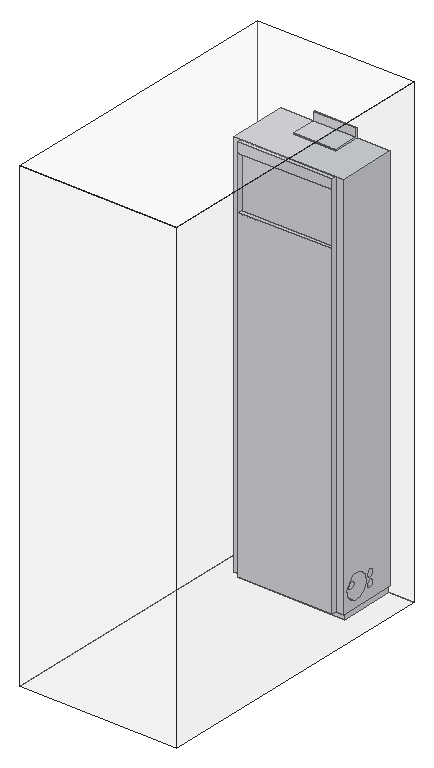
Revit family "ps-rp50_160ka19_60hz", category 機械設備, Revit 2019
Family settings
  丸型コネクタ寸法 = 直径を使用
  パーツ タイプ = 標準
  OmniClass 番号 = 23.75.10.24.21.27.27
  OmniClass タイトル = Split System Air Conditioning Units
  作業面ベース = いいえ
  常に垂直 = はい
  ロード時にボイドで切り取り = いいえ
  共有 = いいえ
  部屋計算ポイント = はい
Parameters (values of type "床置_PS-RP50KA19")
  風量_強 (㎥/min) = 14
  風量_弱 (㎥/min) = 12
  風量_中 (㎥/min) = 13
  風量 = MAX風量  # 840.0 m³/h
  音響パワーレベル_弱 (dB) = 52
  音響パワーレベル_中 (dB) = 54
  音響パワーレベル_強 (dB) = 56
  音響パワーレベル(dB) = [音響パワーレベル_強 (dB)]  # 56
  電線用ノックアウト穴Z2 = 90 mm
  電線用ノックアウト穴Z1 = 130 mm
  電線用ノックアウト穴Y = 110 mm
  電源種別 = ""
  電源_H = 0 mm
  電気品箱位置W = 22 mm
  電気品箱位置H = 641 mm
  電気品箱位置D = 170 mm
  電気品箱W = 348 mm
  電気品箱H = 151 mm
  電気品箱D = 61 mm
  電圧 = 0 V
  電動機出力_送風機 = 0.05 kW
  運転質量 = 0.00 kg
  連動 = ""
  転倒防止金具幅 = 180 mm
  質量 = if(製品質量 > 運転質量, 製品質量, 運転質量) * 1.2  # 42.00 kg
  負荷分類 = 3_ファン類
  構成品番 = "PS-RP50KA19"
  吊り位置y_3 = 175 mm
  吊り位置X_3 = 80 mm
  冷媒，ドレン配管用ノックアウト穴正面-Z = 105 mm
  冷媒，ドレン配管用ノックアウト穴正面-X2 = 20 mm
  ドレン管径 (外径) = 26 mm
  【値が 0 の項目は組合せ形名にてご確認ください】 = ""
  MIN風量 = [風量_弱 (㎥/min)] * 60.0 m³/h  # 720.0 m³/h
  MID風量 = [風量_中 (㎥/min)] * 60.0 m³/h  # 780.0 m³/h
  MAX風量 = [風量_強 (㎥/min)] * 60.0 m³/h  # 840.0 m³/h
  吸込口高さ = 585 mm
  吸込口幅 = 405 mm
  吊り位置Y_1 = 55 mm
  吊り位置Y_2 = 145 mm
  吊り位置X_2 = 280 mm
  吊り位置X_1 = 200 mm
  冷媒，ドレン配管用ノックアウト穴側面-Z = 110 mm
  冷媒，ドレン配管用ノックアウト穴側面-Y = 180 mm
  冷媒，ドレン配管用ノックアウト穴正面-X1 = 75 mm
  冷媒液管位置-Z = 550 mm
  冷媒液管位置-Y = 201 mm
  冷媒液管位置-X = 45 mm
  冷媒ガス管位置-Z = 402 mm
  冷媒ガス管位置-Y = 186 mm
  冷媒ガス管位置-X = 78 mm
  吹出口高さ = 230 mm
  吹出口幅 = 400 mm
  ドレン管径-Y = 210 mm
  ドレン管径-X = 25 mm
  ケーブルサイズ = 0 mm
  Width = 470 mm
  URL = "https://www.mitsubishielectric.co.jp/ldg/wink/ssl/top.do"
  Height = 1700 mm
  説明 = "店舗・事務所用パッケージエアコン(Mr.SLIM) 床置形"
  設計暖房能力 = 0.00 kW
  設計冷房能力_顕熱 = 0 kW
  設計冷房能力 = 0 kW
  設置方法 = "床置形"
  記号 = ""
  製造元 = "三菱電機株式会社"
  製品質量 = 35.00 kg
  製品出荷対象 = "国内"
  製品リリース年月 = ""
  製品グループ = ""
  系統 = ""
  符号 = "PAC_FRV"
  積算_科目 = "1 空気調和設備"
  積算_拾い区分 [instance] = ""
  相 = 1
  盤記号 = ""
  発停方法 = "付属スイッチ"
  特殊仕様 = ""
  火災停止 = ""
  消費電力_暖房 = 0.08 kW
  消費電力_冷房 = 0.09 kW
  消費電力 = if(消費電力_冷房 > 消費電力_暖房, 消費電力_冷房, 消費電力_暖房)  # 0.09 kW
  法定耐用年数 = "6"
  極数 = 1
  材質 = ""
  本体マテリアル = none
  有効加湿量 = 0
  暖房能力 = 5.00 kW
  推奨ブレーカー容量 = 0 A
  形式_加湿器 = ""
  形式 = "床置（露出）立形"
  幹線記号 = ""
  始動方式 = "直入"
  呼称 = "室内機_床置（露出）立形（直吹）"
  周波数 = 60 Hz
  台数_手元リモコン = ""
  台数_冷媒分岐ユニット = ""
  参照している仕様書等のバージョン = "公共建築工事標準仕様書（機械設備工事編）平成31年度版"
  加湿給水管径 = 0.00 mm
  分類コード = "5.0053E+13"
  分類グループ = ""
  冷房能力 = 4.5 kW
  冷媒高低圧ガス管径 = 0.00 mm
  冷媒管径符号 = "Ac"
  冷媒管径 = 100.00 mm
  冷媒液管径 = 6.35 mm
  冷媒ガス管径 = 12.70 mm
  企業コード = "108420"
  付属品_フィルター = ""
  付属品 = ""
  仕様書バージョン = "Version1.0"
  Model = ""
  パネルマテリアル = none
  ドレン管径 = 20.00 mm
  サービススペース = yes
  コメント [instance] = ""
  ケーブル種類 = ""
  Version = ""
  Uniclass2015Version = "Systems v1.9"
  Uniclass2015Title = "Split coil remote air cooled condensing units"
  Uniclass2015Code = "Pr_70_65_03_84"
  SpecificationReference = ""
  SpecificationDescription = ""
  Revision = ""
  ProductInformation = ""
  OmniClassCode = "23-33 17 13 11"
  IfcTypeProduct = ""
  IfcProduct = ""
  IfcExportType = "AIRCONDITIONINGUNIT"
  IfcExportAs = "IfcUnitaryEquipmentType"
  Depth = 270 mm
  価格 = 0
  Clearance Top = 300 mm
  Clearance Right = 100 mm
  Clearance Left = 100 mm
  Clearance Front = 1000 mm
  Clearance Bottom = 0 mm
  Clearance Back = 5 mm
  B = 797 mm
  Author = "三菱電機株式会社"
  A = 172.5 mm
Types (8, lengths in mm): name | 風量_強 (㎥/min) | 風量_弱 (㎥/min) | 風量_中 (㎥/min) | 風量 | 音響パワーレベル_弱 (dB) | 音響パワーレベル_中 (dB) | 音響パワーレベル_強 (dB) | 音響パワーレベル(dB) | 電線用ノックアウト穴Z1 | 電線用ノックアウト穴Y | 電気品箱位置H | 電気品箱位置D | 電気品箱W | 電気品箱H | 電気品箱D | 電動機出力_送風機 | 転倒防止金具幅 | 質量 | 構成品番 | 吊り位置y_3 | 吊り位置X_3 | 冷媒，ドレン配管用ノックアウト穴正面-Z | MIN風量 | MID風量 | MAX風量 | 吸込口高さ | 吸込口幅 | 吊り位置Y_1 | 吊り位置Y_2 | 吊り位置X_2 | 吊り位置X_1 | 冷媒，ドレン配管用ノックアウト穴側面-Z | 冷媒，ドレン配管用ノックアウト穴側面-Y | 冷媒，ドレン配管用ノックアウト穴正面-X1 | 冷媒液管位置-Z | 冷媒液管位置-Y | 冷媒液管位置-X | 冷媒ガス管位置-Z | 冷媒ガス管位置-Y | 冷媒ガス管位置-X | 吹出口高さ | 吹出口幅 | ドレン管径-Y | ドレン管径-X | Width | Height | 製品質量 | 消費電力_暖房 | 消費電力_冷房 | 消費電力 | 暖房能力 | 冷房能力 | 冷媒管径符号 | 冷媒液管径 | 冷媒ガス管径 | Depth | B | A
  床置_PS-RP50KA19 | 14 | 12 | 13 | 840.0 m³/h | 52 | 54 | 56 | 56 | 130 | 110 | 641 | 170 | 348 | 151 | 61 | 0.05 kW | 180 | 42.00 kg | "PS-RP50KA19" | 175 | 80 | 105 | 720.0 m³/h | 780.0 m³/h | 840.0 m³/h | 585 | 405 | 55 | 145 | 280 | 200 | 110 | 180 | 75 | 550 | 201 | 45 | 402 | 186 | 78 | 230 | 400 | 210 | 25 | 470 | 1700 | 35.00 kg | 0.08 kW | 0.09 kW | 0.09 kW | 5.00 kW | 4.5 kW | "Ac" | 6.35 | 12.70 | 270 | 797 | 172.5
  床置_PS-RP56KA19 | 14 | 12 | 13 | 840.0 m³/h | 52 | 54 | 56 | 56 | 130 | 110 | 641 | 170 | 348 | 151 | 66 | 0.05 kW | 180 | 42.00 kg | "PS-RP56KA19" | 175 | 80 | 105 | 720.0 m³/h | 780.0 m³/h | 840.0 m³/h | 585 | 405 | 55 | 145 | 280 | 200 | 110 | 180 | 75 | 550 | 201 | 45 | 402 | 186 | 78 | 230 | 400 | 210 | 25 | 470 | 1700 | 35.00 kg | 0.08 kW | 0.09 kW | 0.09 kW | 5.60 kW | 5 kW | "Ac" | 6.35 | 12.70 | 270 | 797 | 172.5
  床置_PS-RP63KA19 | 15 | 13 | 14 | 900.0 m³/h | 52 | 54 | 56 | 56 | 130 | 110 | 641 | 170 | 348 | 151 | 66 | 0.05 kW | 180 | 42.00 kg | "PS-RP63KA19" | 175 | 80 | 105 | 780.0 m³/h | 840.0 m³/h | 900.0 m³/h | 585 | 405 | 55 | 145 | 280 | 200 | 110 | 180 | 75 | 550 | 201 | 45 | 402 | 186 | 78 | 230 | 400 | 210 | 25 | 470 | 1700 | 35.00 kg | 0.08 kW | 0.09 kW | 0.09 kW | 6.30 kW | 5.6 kW | "Ac" | 6.35 | 12.70 | 270 | 797 | 172.5
  床置_PS-RP71KA19 | 15 | 13 | 14 | 900.0 m³/h | 52 | 55 | 57 | 57 | 130 | 110 | 641 | 170 | 348 | 151 | 66 | 0.05 kW | 180 | 42.00 kg | "PS-RP71KA19" | 175 | 80 | 105 | 780.0 m³/h | 840.0 m³/h | 900.0 m³/h | 585 | 405 | 55 | 145 | 280 | 200 | 110 | 180 | 75 | 550 | 201 | 45 | 402 | 186 | 78 | 230 | 400 | 210 | 25 | 470 | 1700 | 35.00 kg | 0.08 kW | 0.09 kW | 0.09 kW | 7.10 kW | 6.3 kW | "Bd" | 9.52 | 15.88 | 270 | 797 | 172.5
  床置_PS-RP80KA19 | 15 | 13 | 14 | 900.0 m³/h | 52 | 55 | 57 | 57 | 130 | 110 | 641 | 170 | 348 | 151 | 66 | 0.05 kW | 180 | 42.00 kg | "PS-RP80KA19" | 175 | 80 | 105 | 780.0 m³/h | 840.0 m³/h | 900.0 m³/h | 585 | 405 | 55 | 145 | 280 | 200 | 110 | 180 | 75 | 550 | 201 | 45 | 402 | 186 | 78 | 230 | 400 | 210 | 25 | 470 | 1700 | 35.00 kg | 0.08 kW | 0.09 kW | 0.09 kW | 8.00 kW | 7.1 kW | "Bd" | 9.52 | 15.88 | 270 | 797 | 172.5
  床置_PS-RP112KA19 | 30 | 24 | 27 | 1800.0 m³/h | 57 | 61 | 63 | 63 | 140 | 190 | 714 | 245 | 461 | 123 | 66 | 0.16 kW | 260 | 58.80 kg | "PS-RP112KA19" | 254 | 99 | 110 | 1440.0 m³/h | 1620.0 m³/h | 1800.0 m³/h | 599 | 524 | 77 | 201 | 277 | 218 | 115 | 260 | 105 | 590 | 261 | 48 | 480 | 261 | 95 | 260 | 520 | 289 | 27 | 600 | 1900 | 49.00 kg | 0.20 kW | 0.21 kW | 0.21 kW | 11.20 kW | 10 kW | "Bd" | 9.52 | 15.88 | 360 | 834 | 181
  床置_PS-RP140KA19 | 30 | 24 | 27 | 1800.0 m³/h | 57 | 61 | 63 | 63 | 140 | 190 | 714 | 245 | 461 | 123 | 66 | 0.16 kW | 260 | 58.80 kg | "PS-RP140KA19" | 254 | 99 | 110 | 1440.0 m³/h | 1620.0 m³/h | 1800.0 m³/h | 599 | 524 | 77 | 201 | 277 | 218 | 115 | 260 | 105 | 590 | 261 | 48 | 480 | 261 | 95 | 260 | 520 | 289 | 27 | 600 | 1900 | 49.00 kg | 0.20 kW | 0.21 kW | 0.21 kW | 14.00 kW | 12.5 kW | "Bd" | 9.52 | 15.88 | 360 | 834 | 181
  床置_PS-RP160KA19 | 30 | 24 | 27 | 1800.0 m³/h | 59 | 62 | 64 | 64 | 140 | 190 | 714 | 245 | 461 | 123 | 66 | 0.16 kW | 260 | 58.80 kg | "PS-RP160KA19" | 254 | 99 | 110 | 1440.0 m³/h | 1620.0 m³/h | 1800.0 m³/h | 599 | 524 | 77 | 201 | 277 | 218 | 115 | 260 | 105 | 590 | 261 | 48 | 480 | 261 | 95 | 260 | 520 | 289 | 27 | 600 | 1900 | 49.00 kg | 0.20 kW | 0.21 kW | 0.21 kW | 16.00 kW | 14 kW | "Bd" | 9.52 | 15.88 | 360 | 834 | 181
Reference planes
  plane 1 "中心(正面/背面)": y = 0
  plane 2: z = 0
  plane 3 "中心(左/右)": x = 0
  plane 4: x = -235
  plane 5: x = 235
  plane 6: z = 1700
  plane 7: z = 30
  plane 8: x = 157
  plane 9: x = 190
  plane 10: x = 210
  plane 11: x = -90
  plane 12: x = 90
  plane 13: z = 550
  plane 14: z = 402
  plane 15: z = 1430
  plane 16: z = 757.5
  plane 17: z = 172.5
  plane 18: x = -202.5
  plane 19: x = 202.5
  plane 20: z = 827
  plane 21: z = 1660
  plane 22: x = -335
  plane 23: x = 335
  plane 24: z = 2000
  plane 25: z = 110
  plane 26 "本体背面": y = 0
  plane 27: y = -250
  plane 28 "Front": y = -270
  plane 29: y = -186
  plane 30: y = -201
  plane 31: y = -210
  plane 32: y = 5
  plane 33: y = -1270
  plane 34: y = -180
  plane 35: y = -110
  plane 36: x = -122.5
  plane 37: x = 122.5
  plane 38: y = -55
  plane 39: y = -200
  plane 40: x = -140
  plane 41: x = 140
  plane 42: x = -100
  plane 43: x = 100
  plane 44: z = 105
  plane 45: x = 160
  plane 46: x = -20
  plane 47: z = 90
  plane 48: z = 130
  plane 49: z = 125
  plane 50: x = -225
  plane 51: y = -175
  plane 52: x = 155
  plane 53: z = 641
  plane 54: z = 792
  plane 55: x = -213
  plane 56: x = 135
  plane 57: y = -170
  plane 58: y = -231
Forms (mm)
  Extrusion 1, solid
    sketch origin (0, -125, 0) x (1, 0, 0) y (0, 1, 0)
      loop
        line (-235, 125) -> (-235, -125) -> (235, -125) -> (235, 125) -> (-235, 125)
    from 30 to 1700
  Extrusion 2, solid, detail levels fine
    sketch origin (0, -125, 0) x (1, 0, 0) y (0, 1, 0)
      loop
        line (-202.5, -145) -> (202.5, -145) -> (202.5, -125) -> (-202.5, -125) -> (-202.5, -145)
    from 30 to 1700
  Extrusion 3, solid, detail levels fine
    sketch origin (0, -125, 0) x (1, 0, 0) y (0, 1, 0)
      loop
        line (-225, -105) -> (225, -105) -> (225, 125) -> (-225, 125) -> (-225, -105)
    from 0 to 30
  Extrusion 4, solid, detail levels fine
    sketch origin (0, -125, 0) x (0, 1, 0) y (0, 0, 1)
      loop
        line (125, 1740) -> (120, 1740) -> (120, 1704.676) -> (14, 1704.676) -> (14, 1700) -> (125, 1700) -> (125, 1740)
    from -90 to 90
  Extrusion 5, solid, detail levels fine
    sketch origin (0, -125, 0) x (1, 0, 0) y (0, 1, 0)
      loop
        circle (157, -61) r 6.35
    from 402 to 827
  Extrusion 6, solid, detail levels fine
    sketch origin (35, -140, 0) x (1, 0, 0) y (0, 1, 0)
      loop
        circle (155, -61) r 3.175
    from 550 to 827
  Extrusion 7, solid, detail levels fine
    sketch origin (0, -125, 0) x (1, 0, 0) y (0, 1, 0)
      loop
        circle (210, -85) r 13
    from 125 to 827
  Extrusion 8, void
    sketch origin (0, -125, 0) x (1, 0, 0) y (0, 0, 1)
      loop
        line (-200, 1660) -> (-200, 1430) -> (200, 1430) -> (200, 1660) -> (-200, 1660)
    from 125 to 145
  Extrusion 9, solid, detail levels fine
    sketch origin (0, -125, 0) x (0, 1, 0) y (0, 0, 1)
      loop
        circle (-55, 110) r 50
    from 225 to 235
  Extrusion 10, solid
    sketch origin (1480.036, -270, 1200) x (1, 0, 0) y (0, 0, -1)
      loop
        circle (-1500.036, 1095) r 50
    from 265 to 270
  Extrusion 11, solid
    sketch origin (1630.036, -270, 1200) x (1, 0, 0) y (0, 0, -1)
      loop
        circle (-1470.036, 1095) r 50
    from 265 to 270
  Extrusion 12, solid, detail levels fine
    sketch origin (0, 0, 0) x (0, 1, 0) y (0, 0, 1)
      loop
        circle (-110, 90) r 13.5
      loop
        circle (-110, 130) r 13.5
    from 225 to 235
  Extrusion 13, solid
    sketch origin (0, 0, 0) x (1, 0, 0) y (0, 1, 0)
      loop
        circle (185, -175) r 13
    from 0 to 1.766
  Extrusion 14, solid
    sketch origin (0, 0, 0) x (0, 1, 0) y (0, 0, 1)
      loop
        circle (-210, 125) r 13
    from 235 to 225
  Extrusion 15, solid
    sketch origin (0, 0, 0) x (0, 1, 0) y (0, 0, 1)
      loop
        circle (-180, 110) r 50
    from -225 to -235
  Extrusion 16, solid
    sketch origin (0, 0, 0) x (0, 1, 0) y (0, 0, 1)
      loop
        circle (-210, 125) r 13
    from -235 to -225
  Extrusion 17, solid
    sketch origin (0, 0, 0) x (1, 0, 0) y (0, 1, 0)
      loop
        circle (155, -175) r 50
    from 0 to 30
  Extrusion 18, solid
    sketch origin (1480.036, -270, 1200) x (1, 0, 0) y (0, 0, -1)
      loop
        circle (-1470.036, 1090) r 13
    from 270 to 265
  Extrusion 19, solid
    sketch origin (1480.036, -270, 1200) x (1, 0, 0) y (0, 0, -1)
      loop
        circle (-1290.036, 1090) r 13
    from 265 to 270
  Extrusion 20, solid, detail levels fine
    sketch origin (0, 0, 0) x (1, 0, 0) y (0, 0, 1)
      loop
        line (-213, 641) -> (135, 641) -> (135, 792) -> (-213, 792) -> (-213, 641)
    from 170 to 231
Cuts and joins
  Extrusion 8 cuts Extrusion 1
  Extrusion 8 cuts Extrusion 2
Lines and regions (mm)
  model lines, detail levels fine
    curve 1: line (-235, -250, 827) -> (-202.5, -250, 827)
    curve 2: line (235, -250, 827) -> (202.5, -250, 827)
    curve 3: line (-202.5, -270, 172.5) -> (202.5, -270, 172.5)
    curve 4: line (-202.5, -270, 757.5) -> (-202.5, -270, 172.5)
    curve 5: line (202.5, -270, 757.5) -> (202.5, -270, 172.5)
    curve 6: line (-202.5, -270, 757.5) -> (202.5, -270, 757.5)
    curve 7: line (-202.5, -270, 189.706) -> (202.5, -270, 189.706)
    curve 8: line (-202.5, -270, 206.912) -> (202.5, -270, 206.912)
    curve 9: line (-202.5, -270, 224.118) -> (202.5, -270, 224.118)
    curve 10: line (-202.5, -270, 241.324) -> (202.5, -270, 241.324)
    curve 11: line (-202.5, -270, 258.529) -> (202.5, -270, 258.529)
    curve 12: line (-202.5, -270, 275.735) -> (202.5, -270, 275.735)
    curve 13: line (-202.5, -270, 292.941) -> (202.5, -270, 292.941)
    curve 14: line (-202.5, -270, 310.147) -> (202.5, -270, 310.147)
    curve 15: line (-202.5, -270, 327.353) -> (202.5, -270, 327.353)
    curve 16: line (-202.5, -270, 344.559) -> (202.5, -270, 344.559)
    curve 17: line (-202.5, -270, 361.765) -> (202.5, -270, 361.765)
    curve 18: line (-202.5, -270, 378.971) -> (202.5, -270, 378.971)
    curve 19: line (-202.5, -270, 396.176) -> (202.5, -270, 396.176)
    curve 20: line (-202.5, -270, 413.382) -> (202.5, -270, 413.382)
    curve 21: line (-202.5, -270, 430.588) -> (202.5, -270, 430.588)
    curve 22: line (-202.5, -270, 447.794) -> (202.5, -270, 447.794)
    curve 23: line (-202.5, -270, 465) -> (202.5, -270, 465)
    curve 24: line (-202.5, -270, 482.206) -> (202.5, -270, 482.206)
    curve 25: line (-202.5, -270, 499.412) -> (202.5, -270, 499.412)
    curve 26: line (-202.5, -270, 516.618) -> (202.5, -270, 516.618)
    curve 27: line (-202.5, -270, 533.824) -> (202.5, -270, 533.824)
    curve 28: line (-202.5, -270, 551.029) -> (202.5, -270, 551.029)
    curve 29: line (-202.5, -270, 568.235) -> (202.5, -270, 568.235)
    curve 30: line (-202.5, -270, 585.441) -> (202.5, -270, 585.441)
    curve 31: line (-202.5, -270, 602.647) -> (202.5, -270, 602.647)
    curve 32: line (-202.5, -270, 619.853) -> (202.5, -270, 619.853)
    curve 33: line (-202.5, -270, 637.059) -> (202.5, -270, 637.059)
    curve 34: line (-202.5, -270, 654.265) -> (202.5, -270, 654.265)
    curve 35: line (-202.5, -270, 671.471) -> (202.5, -270, 671.471)
    curve 36: line (-202.5, -270, 688.676) -> (202.5, -270, 688.676)
    curve 37: line (-202.5, -270, 705.882) -> (202.5, -270, 705.882)
    curve 38: line (-202.5, -270, 723.088) -> (202.5, -270, 723.088)
    curve 39: line (-202.5, -270, 740.294) -> (202.5, -270, 740.294)
    curve 40: line (200, -270, 1660) -> (200, -270, 1430)
    curve 41: line (-200, -270, 1430) -> (200, -270, 1430)
    curve 42: line (-60, -270, 1326) -> (60, -270, 1326)
    curve 43: line (-60, -270, 1206) -> (-60, -270, 1326)
    curve 44: line (60, -270, 1206) -> (-60, -270, 1206)
    curve 45: line (60, -270, 1326) -> (60, -270, 1206)
    curve 46: line (-200, -270, 1430) -> (200, -270, 1430)
    curve 47: line (-200, -270, 1660) -> (-200, -270, 1430)
    curve 48: line (-200, -270, 1660) -> (200, -270, 1660)
    curve 49: line (-200, -270, 1462.857) -> (200, -270, 1462.857)
    curve 50: line (-200, -270, 1495.714) -> (200, -270, 1495.714)
    curve 51: line (-200, -270, 1528.571) -> (200, -270, 1528.571)
    curve 52: line (-200, -270, 1561.429) -> (200, -270, 1561.429)
    curve 53: line (-200, -270, 1594.286) -> (200, -270, 1594.286)
    curve 54: line (-200, -270, 1627.143) -> (200, -270, 1627.143)
    curve 55: line (200, -270, 1660) -> (200, -270, 1430)
    curve 56: line (-142.857, -270, 1660) -> (-142.857, -270, 1430)
    curve 57: line (-85.714, -270, 1660) -> (-85.714, -270, 1430)
    curve 58: line (-28.571, -270, 1660) -> (-28.571, -270, 1430)
    curve 59: line (28.571, -270, 1660) -> (28.571, -270, 1430)
    curve 60: line (85.714, -270, 1660) -> (85.714, -270, 1430)
    curve 61: line (142.857, -270, 1660) -> (142.857, -270, 1430)
    curve 62: line (-202.5, -270, 827) -> (-94.055, -270, 827)
    curve 63: line (202.5, -270, 827) -> (94.055, -270, 827)
    curve 64: arc (-94.055, -270, 827) -> (-84.472, -270, 826.073) -> (-75.244, -270, 823.326) r 50
    curve 65: arc (75.244, -270, 823.326) -> (84.472, -270, 826.073) -> (94.055, -270, 827) r 50
    curve 66: arc (-75.244, -270, 823.326) -> (0, -270, 808.632) -> (75.244, -270, 823.326) r 200
Dimensions and locks
  equal spacing: plane 4, plane 3 "中心(左/右)", plane 5
  "Width": plane 4 to plane 5
  "Height": plane 6 to plane 2
  plane 7 to level = 30 mm
  equal spacing: plane 11, plane 3 "中心(左/右)", plane 12
  "転倒防止金具幅": plane 11 to plane 12
  "冷媒液管位置-Z": plane 13 to plane 2
  "冷媒ガス管位置-Z": plane 14 to plane 2
  "A": plane 17 to plane 2
  "吸込口高さ": plane 16 to plane 17
  "B": plane 20 to plane 7
  locked: plane 6 to plane 21 at 40
  "吹出口高さ": plane 21 to plane 15
  equal spacing: plane 19, plane 3 "中心(左/右)", plane 18
  "吸込口幅": plane 19 to plane 18
  plane 12 to plane 11 = 180 mm
  plane 5 to plane 4 = 470 mm
  "Clearance Left": plane 22 to plane 4
  "Clearance Top": plane 24 to plane 6
  "冷媒，ドレン配管用ノックアウト穴側面-Z": plane 25 to plane 2
  plane 27 to plane 28 "Front" = 20 mm
  locked: Extrusion 3 sketch curve to plane 5 at 10
  locked: Extrusion 3 sketch curve to plane 27 at 20
  "冷媒ガス管位置-Y": plane 29 to plane 26 "本体背面"
  "冷媒液管位置-Y": plane 30 to plane 26 "本体背面"
  "ドレン管径-Y": plane 31 to plane 26 "本体背面"
  locked: Extrusion 4 sketch curve to Extrusion 4 sketch curve at 5
  locked: Extrusion 4 sketch curve to Extrusion 4 sketch curve at 111
  "冷媒ガス管位置-X": plane 8 to plane 5
  "冷媒液管位置-X": plane 9 to plane 5
  "ドレン管径-X": plane 10 to plane 5
  equal spacing: Extrusion 8 sketch curve, plane 3 "中心(左/右)", Extrusion 8 sketch curve
  "吹出口幅": Extrusion 8 sketch curve to Extrusion 8 sketch curve
  "Clearance Front": plane 28 "Front" to plane 33
  "Clearance Back": plane 26 "本体背面" to plane 32
  "Clearance Right": plane 5 to plane 23
  locked: Extrusion 9 to plane 5 at 10
  equal spacing: curve 6, curve 39, curve 38, curve 37, curve 36, curve 35, curve 34, curve 33, curve 32, curve 31, curve 30, curve 29, curve 28, curve 27, curve 26, curve 25, curve 24, curve 23, curve 22, curve 21, curve 20, curve 19, curve 18, curve 17, curve 16, curve 15, curve 14, curve 13, curve 12, curve 11, curve 10, curve 9, curve 8, curve 7, curve 3
  cut or joined group of Extrusion 2, Extrusion 8 to cut or joined group of Extrusion 2, Extrusion 8 = 400 mm
  locked: curve 42 to curve 44 at 120
  locked: curve 45 to curve 43 at 120
  equal spacing: cut or joined group of Extrusion 2, Extrusion 8, curve 54, curve 53, curve 52, curve 51, curve 50, curve 49, cut or joined group of Extrusion 2, Extrusion 8
  "Clearance Bottom": plane 2 to nested 1
  locked: plane 15 to curve 42 at 104
  "電線用ノックアウト穴Y": plane 26 "本体背面" to plane 35
  "冷媒，ドレン配管用ノックアウト穴側面-Y": plane 26 "本体背面" to plane 34
  equal spacing: curve 45, plane 3 "中心(左/右)", curve 43
  equal spacing: cut or joined group of Extrusion 2, Extrusion 8, curve 56, curve 57, curve 58, curve 59, curve 60, curve 61, cut or joined group of Extrusion 2, Extrusion 8
  "吊り位置Y_1": plane 38 to plane 26 "本体背面"
  "吊り位置Y_2": plane 38 to plane 39
  equal spacing: plane 40, plane 3 "中心(左/右)", plane 41
  "吊り位置X_2": plane 40 to plane 41
  equal spacing: plane 42, plane 3 "中心(左/右)", plane 43
  "吊り位置X_1": plane 42 to plane 43
  "冷媒，ドレン配管用ノックアウト穴正面-X1": plane 45 to plane 5
  "冷媒，ドレン配管用ノックアウト穴正面-X2": plane 3 "中心(左/右)" to plane 46
  "電線用ノックアウト穴Z2": plane 47 to level
  "電線用ノックアウト穴Z1": plane 48 to plane 2
  locked: Extrusion 11 to cut or joined group of Extrusion 1, Extrusion 8 at 5
  locked: Extrusion 10 to cut or joined group of Extrusion 1, Extrusion 8 at 5
  "冷媒，ドレン配管用ノックアウト穴正面-Z": plane 2 to plane 44
  plane 8 to plane 9 = 33 mm
  "Depth": plane 26 "本体背面" to plane 28 "Front"
  plane 49 to level = 125 mm
  plane 50 to plane 4 = 10 mm
  "吊り位置y_3": plane 26 "本体背面" to plane 51
  "吊り位置X_3": plane 52 to plane 5
  Extrusion 18 sketch curve to plane 46 = 30 mm
  plane 45 to Extrusion 19 sketch curve = 30 mm
  plane 52 to Extrusion 13 sketch curve = 30 mm
  "電気品箱位置H": plane 53 to plane 2
  "電気品箱H": plane 54 to plane 53
  "電気品箱位置W": plane 55 to plane 4
  "電気品箱W": plane 56 to plane 55
  "電気品箱位置D": plane 57 to plane 26 "本体背面"
  "電気品箱D": plane 58 to plane 57
  "冷媒ガス管径": diameter of Extrusion 5 sketch curve
  "冷媒液管径": diameter of Extrusion 6 sketch curve
  "ドレン管径 (外径)": diameter of Extrusion 7 sketch curve
  "冷媒管径": diameter of Extrusion 9 sketch curve
  "冷媒管径": diameter of Extrusion 10 sketch curve
  "冷媒管径": diameter of Extrusion 11 sketch curve
  radius of curve 66 = 200 mm
  "ドレン管径 (外径)": diameter of Extrusion 13 sketch curve
  "ドレン管径 (外径)": diameter of Extrusion 14 sketch curve
  "冷媒管径": diameter of Extrusion 17 sketch curve
  "ドレン管径 (外径)": diameter of Extrusion 18 sketch curve
  "ドレン管径 (外径)": diameter of Extrusion 19 sketch curve
  aligned and locked: level to plane 2
  aligned and locked: plane 26 "本体背面" to Extrusion 1 sketch curve
  aligned and locked: plane 27 to Extrusion 1 sketch curve
  aligned and locked: plane 5 to Extrusion 1 sketch curve
  aligned and locked: plane 27 to Extrusion 2 sketch curve
  aligned and locked: Extrusion 2 sketch curve to plane 28 "Front"
  aligned and locked: Extrusion 3 sketch curve to plane 26 "本体背面"
  aligned and locked: plane 8 to Extrusion 5 sketch curve
  aligned and locked: plane 29 to Extrusion 5 sketch curve
  aligned and locked: plane 9 to Extrusion 6 sketch curve
  aligned and locked: plane 30 to Extrusion 6 sketch curve
  aligned and locked: plane 10 to Extrusion 7 sketch curve
  aligned and locked: plane 31 to Extrusion 7 sketch curve
  aligned and locked: Extrusion 7 to Extrusion 5
  aligned and locked: Extrusion 6 to Extrusion 5
  aligned and locked: Extrusion 8 to plane 28 "Front"
  aligned and locked: plane 27 to Extrusion 8
  aligned and locked: plane 32 to nested 1
  aligned and locked: nested 1 to plane 33
  aligned and locked: plane 34 to Extrusion 9 sketch curve
  aligned and locked: Extrusion 9 to plane 5
  aligned and locked: Extrusion 9 to Extrusion 3
  aligned and locked: nested 1 to plane 23
  aligned and locked: plane 23 to nested 1
  aligned and locked: plane 1 "中心(正面/背面)" to plane 26 "本体背面"
  aligned and locked: plane 24 to nested 1
  aligned and locked: plane 6 to cut or joined group of Extrusion 2, Extrusion 8
  aligned and locked: plane 6 to cut or joined group of Extrusion 1, Extrusion 8
  aligned and locked: Extrusion 4 to plane 6
  aligned and locked: plane 21 to cut or joined group of Extrusion 2, Extrusion 8
  aligned and locked: cut or joined group of Extrusion 2, Extrusion 8 to plane 15
  aligned and locked: cut or joined group of Extrusion 2, Extrusion 8 to plane 18
  aligned and locked: plane 19 to curve 5
  aligned and locked: plane 19 to curve 2
  aligned and locked: plane 18 to curve 1
  aligned and locked: Extrusion 5 to plane 14
  aligned and locked: Extrusion 6 to plane 13
  aligned and locked: curve 4 to plane 18
  aligned and locked: cut or joined group of Extrusion 2, Extrusion 8 to plane 19
  aligned and locked: plane 18 to cut or joined group of Extrusion 2, Extrusion 8
  aligned and locked: curve 55 to cut or joined group of Extrusion 2, Extrusion 8
  aligned and locked: curve 47 to cut or joined group of Extrusion 2, Extrusion 8
  aligned and locked: curve 48 to plane 21
  aligned and locked: curve 46 to plane 15
  aligned and locked: plane 18 to curve 62
  aligned and locked: curve 62 to plane 20
  aligned and locked: plane 19 to curve 63
  aligned and locked: plane 20 to curve 63
  aligned and locked: plane 20 to curve 65
  aligned and locked: plane 22 to nested 1
  aligned and locked: Extrusion 1 to plane 4
  aligned and locked: cut or joined group of Extrusion 1, Extrusion 8 to plane 5
  aligned and locked: nested 1 to plane 24
  aligned and locked: cut or joined group of Extrusion 1, Extrusion 8 to plane 6
  aligned and locked: nested 2 to plane 38
  aligned and locked: nested 2 to plane 39  (x2)
  aligned and locked: plane 3 "中心(左/右)" to nested 2
  aligned and locked: nested 2 to plane 40
  aligned and locked: plane 41 to nested 2
  aligned and locked: plane 38 to nested 2
  aligned and locked: nested 2 to plane 41
  aligned and locked: plane 40 to nested 2
  aligned and locked: plane 46 to Extrusion 10 sketch curve
  aligned and locked: plane 44 to Extrusion 10 sketch curve
  aligned and locked: plane 45 to Extrusion 11 sketch curve
  aligned and locked: plane 44 to Extrusion 11 sketch curve
  aligned and locked: Extrusion 11 to plane 1 "中心(正面/背面)"
  aligned and locked: Extrusion 10 to plane 1 "中心(正面/背面)"
  aligned and locked: Extrusion 4 to Extrusion 10
  aligned and locked: level to nested 1  (x2)
  aligned and locked: plane 48 to Extrusion 12 sketch curve
  aligned and locked: plane 47 to Extrusion 12 sketch curve
  aligned and locked: Extrusion 12 to plane 5
  aligned and locked: Extrusion 12 to Extrusion 3
  aligned and locked: Extrusion 7 to plane 49
  aligned and locked: plane 31 to Extrusion 14 sketch curve
  aligned and locked: plane 49 to Extrusion 14 sketch curve
  aligned and locked: Extrusion 14 to plane 5
  aligned and locked: Extrusion 9 to Extrusion 14
  aligned and locked: Extrusion 15 sketch curve to Extrusion 9
  aligned and locked: Extrusion 15 to plane 4
  aligned and locked: Extrusion 3 to Extrusion 15
  aligned and locked: Extrusion 16 sketch curve to Extrusion 14
  aligned and locked: Extrusion 16 to plane 4
  aligned and locked: Extrusion 3 to Extrusion 16
  aligned and locked: plane 52 to Extrusion 17 sketch curve
  aligned and locked: plane 51 to Extrusion 17 sketch curve
  aligned and locked: plane 25 to Extrusion 18 sketch curve
  aligned and locked: plane 25 to Extrusion 19 sketch curve
  aligned and locked: Extrusion 18 to plane 1 "中心(正面/背面)"
  aligned and locked: Extrusion 10 to Extrusion 18
  aligned and locked: Extrusion 19 to plane 1 "中心(正面/背面)"
  aligned and locked: Extrusion 10 to Extrusion 19
  aligned and locked: plane 51 to Extrusion 13 sketch curve
  aligned and locked: plane 56 to Extrusion 20
  aligned and locked: Extrusion 20 to plane 55
  aligned and locked: plane 54 to Extrusion 20
  aligned and locked: Extrusion 20 to plane 53
  aligned and locked: Extrusion 20 to plane 57
  aligned and locked: plane 58 to Extrusion 20
Automatic sketch dimensions
  Extrusion 1 sketch curve to plane 4 = 0 mm
  Extrusion 2 sketch curve to plane 18 = 0 mm
  Extrusion 2 sketch curve to plane 19 = 0 mm
  plane 4 to Extrusion 3 sketch curve = 10 mm
  Extrusion 4 sketch curve to plane 6 = 0 mm
  plane 1 "中心(正面/背面)" to Extrusion 4 sketch curve = 0 mm
  plane 6 to Extrusion 4 sketch curve = 4.676 mm
  Extrusion 4 sketch curve to Extrusion 4 sketch curve = 35.324 mm
  curve 1 to plane 4 = 0 mm
  plane 5 to curve 2 = 0 mm
  curve 1 to plane 20 = 0 mm
  curve 2 to plane 20 = 0 mm
  curve 3 to plane 17 = 0 mm
  curve 3 to plane 18 = 0 mm
  curve 66 to plane 3 "中心(左/右)" = 0 mm
  curve 6 to plane 16 = 0 mm
  plane 11 to curve 62 = 4.055 mm
  plane 12 to curve 63 = 4.055 mm
  curve 65 to plane 16 = 19.5 mm
  curve 64 to plane 16 = 19.5 mm
  curve 66 to curve 64 = 0 mm
  Extrusion 12 sketch curve to plane 35 = 0 mm  (x2)
  Extrusion 20 sketch curve to plane 54 = 0 mm
  Extrusion 20 sketch curve to plane 55 = 0 mm
  Extrusion 20 sketch curve to plane 56 = 0 mm
  Extrusion 20 sketch curve to plane 53 = 0 mm
  Extrusion 8 sketch curve to plane 15 = 0 mm
  Extrusion 8 sketch curve to plane 21 = 0 mm
  Extrusion 9 sketch curve to plane 25 = 0 mm
  radius of Extrusion 12 sketch curve = 13.5 mm  (x2)
Nested families
  nested 1: "サービススペース" at (0, -632.5, 1000), visible <- "サービススペース", type "サービススペース"
    with Width 670 mm, Height 2000 mm, Depth 1275 mm
  nested 2: "固定点" at (0, -200, 0), W2 <- "吊り位置X_2", D <- "吊り位置Y_2", W1 <- "吊り位置X_1", type "固定点"
    with W2 280 mm, W1 200 mm, D 145 mm
Connectors
  piping at (235, -180, 110), diameter 100, driven by "冷媒管径", driven by "冷媒管径符号"
    settings: on Extrusion 9, index 6, connector inside diameter 609.60 mm, connector length 0 mm, flow factor 0, pipe flow 0.0 L/s, pressure drop 0.0 Pa, fitting loss kfactor 0, connector angle 0.00°, fixture units 0, engagement length 0 mm, angle of deflection 0.00°, flow configuration 1, flow direction 1, fitting loss method 4, system type 7, joint type 0, gender type 0, connector reference index -1, connector utility 0, adjustable connector no, is connector primary yes, connector description "Ac"
  piping at (160, 0, 105), diameter 100, driven by "冷媒管径", driven by "冷媒管径符号"
    settings: on Extrusion 11, index 8, connector inside diameter 609.60 mm, connector length 0 mm, flow factor 0, pipe flow 0.0 L/s, pressure drop 0.0 Pa, fitting loss kfactor 0, connector angle 0.00°, fixture units 0, engagement length 0 mm, angle of deflection 0.00°, flow configuration 1, flow direction 1, fitting loss method 4, system type 7, joint type 0, gender type 0, connector reference index -1, connector utility 0, adjustable connector no, is connector primary no, connector description "Ac"
  piping at (-20, 0, 105), diameter 100, driven by "冷媒管径", driven by "冷媒管径符号"
    settings: on Extrusion 10, index 9, connector inside diameter 609.60 mm, connector length 0 mm, flow factor 0, pipe flow 0.0 L/s, pressure drop 0.0 Pa, fitting loss kfactor 0, connector angle 0.00°, fixture units 0, engagement length 0 mm, angle of deflection 0.00°, flow configuration 1, flow direction 1, fitting loss method 4, system type 7, joint type 0, gender type 0, connector reference index -1, connector utility 0, adjustable connector no, is connector primary no, connector description "Ac"
  piping at (185, -175, 0), diameter 20, driven by "ドレン管径"
    settings: on Extrusion 13, index 11, connector inside diameter 609.60 mm, connector length 0 mm, flow factor 0, pipe flow 0.0 L/s, pressure drop 0.0 Pa, fitting loss kfactor 0, connector angle 0.00°, fixture units 0, engagement length 0 mm, angle of deflection 0.00°, flow configuration 1, flow direction 2, fitting loss method 4, system type 16, joint type 0, gender type 0, connector reference index -1, connector utility 0, adjustable connector no, is connector primary no, connector description ""
  piping at (235, -210, 125), diameter 20, driven by "ドレン管径"
    settings: on Extrusion 14, index 12, connector inside diameter 609.60 mm, connector length 0 mm, flow factor 0, pipe flow 0.0 L/s, pressure drop 0.0 Pa, fitting loss kfactor 0, connector angle 0.00°, fixture units 0, engagement length 0 mm, angle of deflection 0.00°, flow configuration 1, flow direction 2, fitting loss method 4, system type 16, joint type 0, gender type 0, connector reference index -1, connector utility 0, adjustable connector no, is connector primary no, connector description ""
  piping at (-235, -180, 110), diameter 100, driven by "冷媒管径", driven by "冷媒管径符号"
    settings: on Extrusion 15, index 13, connector inside diameter 609.60 mm, connector length 0 mm, flow factor 0, pipe flow 0.0 L/s, pressure drop 0.0 Pa, fitting loss kfactor 0, connector angle 0.00°, fixture units 0, engagement length 0 mm, angle of deflection 0.00°, flow configuration 1, flow direction 1, fitting loss method 4, system type 7, joint type 0, gender type 0, connector reference index -1, connector utility 0, adjustable connector no, is connector primary no, connector description "Ac"
  piping at (-235, -210, 125), diameter 20, driven by "ドレン管径"
    settings: on Extrusion 16, index 14, connector inside diameter 609.60 mm, connector length 0 mm, flow factor 0, pipe flow 0.0 L/s, pressure drop 0.0 Pa, fitting loss kfactor 0, connector angle 0.00°, fixture units 0, engagement length 0 mm, angle of deflection 0.00°, flow configuration 2, flow direction 2, fitting loss method 4, system type 16, joint type 0, gender type 0, connector reference index -1, connector utility 0, adjustable connector no, is connector primary no, connector description ""
  piping at (155, -175, 0), diameter 100, driven by "冷媒管径", driven by "冷媒管径符号"
    settings: on Extrusion 17, index 15, connector inside diameter 609.60 mm, connector length 0 mm, flow factor 0, pipe flow 0.0 L/s, pressure drop 0.0 Pa, fitting loss kfactor 0, connector angle 0.00°, fixture units 0, engagement length 0 mm, angle of deflection 0.00°, flow configuration 1, flow direction 1, fitting loss method 4, system type 7, joint type 0, gender type 0, connector reference index -1, connector utility 0, adjustable connector no, is connector primary no, connector description "Ac"
  piping at (190, 0, 110), diameter 20, driven by "ドレン管径"
    settings: on Extrusion 19, index 16, connector inside diameter 609.60 mm, connector length 0 mm, flow factor 0, pipe flow 0.0 L/s, pressure drop 0.0 Pa, fitting loss kfactor 0, connector angle 0.00°, fixture units 0, engagement length 0 mm, angle of deflection 0.00°, flow configuration 1, flow direction 2, fitting loss method 4, system type 16, joint type 0, gender type 0, connector reference index -1, connector utility 0, adjustable connector no, is connector primary no, connector description ""
  piping at (10, 0, 110), diameter 20, driven by "ドレン管径"
    settings: on Extrusion 18, index 17, connector inside diameter 609.60 mm, connector length 0 mm, flow factor 0, pipe flow 0.0 L/s, pressure drop 0.0 Pa, fitting loss kfactor 0, connector angle 0.00°, fixture units 0, engagement length 0 mm, angle of deflection 0.00°, flow configuration 1, flow direction 2, fitting loss method 4, system type 16, joint type 0, gender type 0, connector reference index -1, connector utility 0, adjustable connector no, is connector primary no, connector description ""
  electrical at (-39, -231, 716.5), driven by "極数", driven by "負荷分類", driven by "電圧", driven by "消費電力"
    settings: on Extrusion 20, index 18, voltage 0 V, apparent load 90 VA, apparent load phase1 0 VA, apparent load phase2 0 VA, apparent load phase3 0 VA, power factor 1, load classification "3_ファン類", number of poles 1, system type 30, power factor state 1, is connector primary yes, connector utility no, sub classification motor no, connector description ""
Definition of nested family "サービススペース"
  Parameters (values of type "サービススペース")
    Width [instance] = 500 mm
    Height [instance] = 500 mm
    Depth [instance] = 500 mm
  Reference planes
    plane 1 "中心(正面/背面)": y = 0
    plane 2: z = 0
    plane 3 "中心(左/右)": x = 0
    plane 4: y = -250
    plane 5: x = 250
    plane 6: y = 250
    plane 7: x = -250
    plane 8: z = 250
    plane 9: z = -250
  Forms (mm)
    Extrusion 1, solid
      sketch origin (-638.939, 0, 72.39) x (1, 0, 0) y (0, 1, 0)
        loop
          line (388.939, 250) -> (388.939, -250) -> (888.939, -250) -> (888.939, 250) -> (388.939, 250)
      from -322.39 to 177.61
  Lines and regions (mm)
    symbolic lines
      curve 1: line (-250, 0, 250) -> (250, 0, 250)
      curve 2: line (-250, 0, -250) -> (-250, 0, 250)
      curve 3: line (250, 0, -250) -> (-250, 0, -250)
      curve 4: line (250, 0, 250) -> (250, 0, -250)
      curve 5: line (0, -250, 250) -> (0, 250, 250)
      curve 6: line (0, -250, -250) -> (0, -250, 250)
      curve 7: line (0, 250, -250) -> (0, -250, -250)
      curve 8: line (0, 250, 250) -> (0, 250, -250)
      curve 9: line (-250, 250, 0) -> (250, 250, 0)
      curve 10: line (-250, -250, 0) -> (-250, 250, 0)
      curve 11: line (250, -250, 0) -> (-250, -250, 0)
      curve 12: line (250, 250, 0) -> (250, -250, 0)
  Dimensions and locks
    equal spacing: plane 7, plane 3 "中心(左/右)", plane 5
    equal spacing: plane 4, plane 1 "中心(正面/背面)", plane 6
    "Depth": plane 4 to plane 6
    "Width": plane 7 to plane 5
    equal spacing: plane 8, plane 2, plane 9
    "Height": plane 8 to plane 9
    aligned and locked: plane 9 to curve 3
    aligned and locked: plane 7 to curve 2
    aligned and locked: curve 4 to plane 5
    aligned and locked: plane 5 to Extrusion 1
    aligned and locked: Extrusion 1 to plane 7
    aligned and locked: Extrusion 1 to plane 9
    aligned and locked: plane 8 to Extrusion 1
    aligned and locked: plane 9 to curve 7
  Automatic sketch dimensions
    plane 4 to Extrusion 1 sketch curve = 0 mm
    Extrusion 1 sketch curve to plane 7 = 0 mm
    Extrusion 1 sketch curve to plane 5 = 0 mm
    plane 6 to Extrusion 1 sketch curve = 0 mm
    curve 2 to plane 8 = 0 mm
    plane 4 to curve 11 = 0 mm
    curve 11 to plane 7 = 0 mm
    curve 11 to plane 5 = 0 mm
    plane 6 to curve 10 = 0 mm
    curve 7 to plane 4 = 0 mm
    curve 7 to plane 6 = 0 mm
    curve 6 to plane 8 = 0 mm
Definition of nested family "固定点"
  Parameters (values of type "固定点")
    中心円 = 20 mm
    W2 [instance] = 277 mm
    W1 [instance] = 200 mm
    D [instance] = 210 mm
  Reference planes
    plane 1 "中心(正面/背面)": y = 0
    plane 2: z = 0
    plane 3 "中心(左/右)": x = 0
    plane 4: x = 138.5
    plane 5: y = 210
    plane 6: x = -100
    plane 7: x = -138.5
    plane 8: x = 100
    plane 9: x = 338.5
    plane 10: x = -338.5
    plane 11: y = -200
    plane 12: y = 420
  Lines and regions (mm)
    symbolic lines, detail levels fine
      curve 1: line (-338.5, 210, 0) -> (338.5, 210, 0)
      curve 2: line (-338.5, 0, 0) -> (338.5, 0, 0)
      curve 3: line (138.5, 420, 0) -> (138.5, -200, 0)
      curve 4: line (-100, 420, 0) -> (-100, -200, 0)
      curve 5: line (100, 420, 0) -> (100, -200, 0)
      curve 6: line (-138.5, 420, 0) -> (-138.5, -200, 0)
    model lines, detail levels fine
      curve 7: circle (-100, 0, 0) r 10 normal (0, 0, 1)
      curve 8: circle (100, 0, 0) r 10 normal (0, 0, 1)
      curve 9: circle (138.5, 210, 0) r 10 normal (0, 0, 1)
      curve 10: circle (-138.5, 210, 0) r 10 normal (0, 0, 1)
  Dimensions and locks
    "D": plane 1 "中心(正面/背面)" to plane 5
    equal spacing: plane 6, plane 3 "中心(左/右)", plane 8
    "W1": plane 6 to plane 8
    equal spacing: plane 7, plane 3 "中心(左/右)", plane 4
    "W2": plane 7 to plane 4
    locked: plane 11 to plane 1 "中心(正面/背面)" at 200
    locked: plane 10 to plane 7 at 200
    locked: plane 12 to plane 5 at 210
    locked: plane 4 to plane 9 at 200
    "中心円": diameter of curve 7
    "中心円": diameter of curve 8
    "中心円": diameter of curve 9
    "中心円": diameter of curve 10
    aligned and locked: level to plane 2
    aligned and locked: plane 1 "中心(正面/背面)" to curve 2
    aligned and locked: curve 3 to plane 4
    aligned and locked: curve 4 to plane 6
    aligned and locked: curve 6 to plane 7
    aligned and locked: curve 5 to plane 8
    aligned and locked: curve 1 to plane 5
    aligned and locked: plane 9 to curve 1
    aligned and locked: plane 9 to curve 2
    aligned and locked: plane 10 to curve 2
    aligned and locked: plane 11 to curve 3
    aligned and locked: plane 11 to curve 5
    aligned and locked: plane 11 to curve 4
    aligned and locked: plane 11 to curve 6
    aligned and locked: plane 12 to curve 3
    aligned and locked: plane 12 to curve 5
    aligned and locked: plane 12 to curve 4
    aligned and locked: plane 12 to curve 6
    aligned and locked: plane 10 to curve 1
    aligned and locked: plane 6 to curve 7
    aligned and locked: plane 1 "中心(正面/背面)" to curve 7
    aligned and locked: plane 8 to curve 8
    aligned and locked: plane 1 "中心(正面/背面)" to curve 8
    aligned and locked: plane 5 to curve 9
    aligned and locked: plane 4 to curve 9
    aligned and locked: plane 7 to curve 10
    aligned and locked: plane 5 to curve 10
